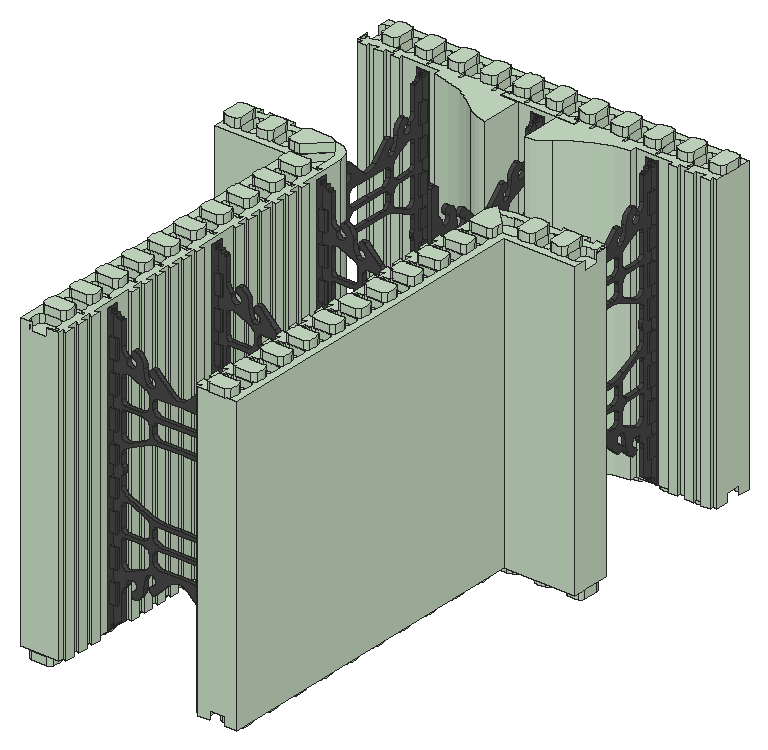
Revit family (continued)
Definition of nested family "NUDURA Diamond Pattern"
  Lines and regions (in)
    model lines
      curve 171: arc (3.35367, -5.625, 1.01517) -> (3.24384, -5.625, 0.75) -> (3.35367, -5.625, 0.48484) r 0.375
      curve 172: line (3.35367, -5.625, 0.48484) -> (3.72867, -5.625, 0.10984)
      curve 173: arc (3.72867, -5.625, 0.10984) -> (3.99384, -5.625, 0) -> (4.259, -5.625, 0.10984) r 0.375
      curve 174: line (4.259, -5.625, 0.10984) -> (4.634, -5.625, 0.48484)
      curve 175: arc (4.634, -5.625, 0.48484) -> (4.74384, -5.625, 0.75) -> (4.634, -5.625, 1.01517) r 0.375
      curve 176: line (4.634, -5.625, 1.01517) -> (4.29059, -5.625, 1.35858)
      curve 177: arc (4.29059, -5.625, 1.64142) -> (4.23201, -5.625, 1.5) -> (4.29059, -5.625, 1.35858) r 0.2
      curve 178: arc (4.17062, -5.625, 1.30178) -> (3.99384, -5.625, 1.375) -> (3.81706, -5.625, 1.30178) r 0.25
      curve 179: line (4.54562, -5.625, 0.92678) -> (4.17062, -5.625, 1.30178)
      curve 180: arc (4.54562, -5.625, 0.57322) -> (4.61884, -5.625, 0.75) -> (4.54562, -5.625, 0.92678) r 0.25
      curve 181: line (4.17062, -5.625, 0.19822) -> (4.54562, -5.625, 0.57322)
      curve 182: arc (3.81706, -5.625, 0.19822) -> (3.99384, -5.625, 0.125) -> (4.17062, -5.625, 0.19822) r 0.25
      curve 183: line (3.44206, -5.625, 0.57322) -> (3.81706, -5.625, 0.19822)
      curve 184: arc (3.44206, -5.625, 0.92678) -> (3.36884, -5.625, 0.75) -> (3.44206, -5.625, 0.57322) r 0.25
      curve 185: line (3.81706, -5.625, 1.30178) -> (3.44206, -5.625, 0.92678)
      curve 186: arc (4.29059, -5.625, 3.14142) -> (4.23201, -5.625, 3) -> (4.29059, -5.625, 2.85858) r 0.2
      curve 187: arc (4.29059, -5.625, 4.64142) -> (4.23201, -5.625, 4.5) -> (4.29059, -5.625, 4.35858) r 0.2
      curve 188: arc (4.29059, -5.625, 6.14142) -> (4.23201, -5.625, 6) -> (4.29059, -5.625, 5.85858) r 0.2
      curve 189: arc (4.29059, -5.625, 7.64142) -> (4.23201, -5.625, 7.5) -> (4.29059, -5.625, 7.35858) r 0.2
      curve 190: arc (4.29059, -5.625, 9.14142) -> (4.23201, -5.625, 9) -> (4.29059, -5.625, 8.85858) r 0.2
      curve 191: arc (4.29059, -5.625, 10.64142) -> (4.23201, -5.625, 10.5) -> (4.29059, -5.625, 10.35858) r 0.2
      curve 192: arc (4.29059, -5.625, 12.14142) -> (4.23201, -5.625, 12) -> (4.29059, -5.625, 11.85858) r 0.2
      curve 193: arc (4.29059, -5.625, 13.64142) -> (4.23201, -5.625, 13.5) -> (4.29059, -5.625, 13.35858) r 0.2
      curve 194: arc (4.29059, -5.625, 15.14142) -> (4.23201, -5.625, 15) -> (4.29059, -5.625, 14.85858) r 0.2
      curve 195: arc (4.29059, -5.625, 16.64142) -> (4.23201, -5.625, 16.5) -> (4.29059, -5.625, 16.35858) r 0.2
Definition of nested family "NUDURA Logo Diamond"
  Reference planes (in)
    plane 1 "Center (Front/Back)": y = 0
    plane 2: z = 0
    plane 3 "Center (Left/Right)": x = 0
  Lines and regions (in)
    model lines
      curve 1: line (12.59848, 0, 17.50104) -> (12.24492, 0, 17.85459)
      curve 2: line (12.36113, 0, 16.76872) -> (12.59848, 0, 17.00607)
      curve 3: line (12.59848, 0, 16.00104) -> (12.36113, 0, 16.23839)
      curve 4: line (12.36113, 0, 15.26872) -> (12.59848, 0, 15.50607)
      curve 5: line (12.59848, 0, 14.50104) -> (12.36113, 0, 14.73839)
      curve 6: line (12.36113, 0, 13.76872) -> (12.59848, 0, 14.00607)
      curve 7: line (12.17421, 0, 13.28388) -> (12.71208, 0, 12.74602)
      curve 8: line (12.71208, 0, 12.74602) -> (12.78279, 0, 12.81673)
      curve 9: line (11.28279, 0, 12.74602) -> (11.82066, 0, 13.28388)
      curve 10: line (11.63374, 0, 13.23839) -> (11.21208, 0, 12.81673)
      curve 11: line (11.3964, 0, 14.00607) -> (11.63374, 0, 13.76872)
      curve 12: line (11.63374, 0, 14.73839) -> (11.3964, 0, 14.50104)
      curve 13: line (11.3964, 0, 15.50607) -> (11.63374, 0, 15.26872)
      curve 14: line (11.63374, 0, 16.23839) -> (11.3964, 0, 16.00104)
      curve 15: line (11.3964, 0, 17.00607) -> (11.63374, 0, 16.76872)
      curve 16: line (11.74995, 0, 17.85459) -> (11.3964, 0, 17.50104)
      curve 17: line (11.82066, 0, 17.78388) -> (11.46711, 0, 17.43033)
      curve 18: line (12.52777, 0, 17.43033) -> (12.17421, 0, 17.78388)
      curve 19: line (12.17421, 0, 16.72322) -> (12.52777, 0, 17.07678)
      curve 20: line (11.46711, 0, 17.07678) -> (11.82066, 0, 16.72322)
      curve 21: arc (11.3964, 0, 17.50104) -> (11.29388, 0, 17.25355) -> (11.3964, 0, 17.00607) r 0.35
      curve 22: arc (11.74995, 0, 17.85459) -> (11.99744, 0, 17.95711) -> (12.24492, 0, 17.85459) r 0.35
      curve 23: arc (11.46711, 0, 17.43033) -> (11.39388, 0, 17.25355) -> (11.46711, 0, 17.07678) r 0.25
      curve 24: arc (12.52777, 0, 17.43033) -> (12.60099, 0, 17.25355) -> (12.52777, 0, 17.07678) r 0.25
      curve 25: arc (12.17421, 0, 16.72322) -> (11.99744, 0, 16.65) -> (11.82066, 0, 16.72322) r 0.25
      curve 26: arc (11.82066, 0, 17.78388) -> (11.99744, 0, 17.85711) -> (12.17421, 0, 17.78388) r 0.25
      curve 27: arc (12.59848, 0, 17.50104) -> (12.70099, 0, 17.25355) -> (12.59848, 0, 17.00607) r 0.35
      curve 28: arc (11.63374, 0, 16.76872) -> (11.74358, 0, 16.50355) -> (11.63374, 0, 16.23839) r 0.375
      curve 29: arc (12.36113, 0, 16.76872) -> (12.2513, 0, 16.50355) -> (12.36113, 0, 16.23839) r 0.375
      curve 30: line (12.36113, 0, 15.26872) -> (12.59848, 0, 15.50607)
      curve 31: line (11.3964, 0, 15.50607) -> (11.63374, 0, 15.26872)
      curve 32: line (11.82066, 0, 16.28388) -> (11.46711, 0, 15.93033)
      curve 33: line (12.52777, 0, 15.93033) -> (12.17421, 0, 16.28388)
      curve 34: line (12.17421, 0, 15.22322) -> (12.52777, 0, 15.57678)
      curve 35: line (11.46711, 0, 15.57678) -> (11.82066, 0, 15.22322)
      curve 36: arc (11.3964, 0, 16.00104) -> (11.29388, 0, 15.75355) -> (11.3964, 0, 15.50607) r 0.35
      curve 37: arc (11.46711, 0, 15.93033) -> (11.39388, 0, 15.75355) -> (11.46711, 0, 15.57678) r 0.25
      curve 38: arc (12.52777, 0, 15.93033) -> (12.60099, 0, 15.75355) -> (12.52777, 0, 15.57678) r 0.25
      curve 39: arc (12.17421, 0, 15.22322) -> (11.99744, 0, 15.15) -> (11.82066, 0, 15.22322) r 0.25
      curve 40: arc (11.82066, 0, 16.28388) -> (11.99744, 0, 16.35711) -> (12.17421, 0, 16.28388) r 0.25
      curve 41: arc (12.59848, 0, 16.00104) -> (12.70099, 0, 15.75355) -> (12.59848, 0, 15.50607) r 0.35
      curve 42: line (11.63374, 0, 16.23839) -> (11.3964, 0, 16.00104)
      curve 43: line (12.59848, 0, 16.00104) -> (12.36113, 0, 16.23839)
      curve 44: arc (11.63374, 0, 15.26872) -> (11.74358, 0, 15.00355) -> (11.63374, 0, 14.73839) r 0.375
      curve 45: arc (12.36113, 0, 15.26872) -> (12.2513, 0, 15.00355) -> (12.36113, 0, 14.73839) r 0.375
      curve 46: line (12.36113, 0, 13.76872) -> (12.59848, 0, 14.00607)
      curve 47: line (11.3964, 0, 14.00607) -> (11.63374, 0, 13.76872)
      curve 48: line (11.82066, 0, 14.78388) -> (11.46711, 0, 14.43033)
      curve 49: line (12.52777, 0, 14.43033) -> (12.17421, 0, 14.78388)
      curve 50: line (12.17421, 0, 13.72322) -> (12.52777, 0, 14.07678)
      curve 51: line (11.46711, 0, 14.07678) -> (11.82066, 0, 13.72322)
      curve 52: arc (11.3964, 0, 14.50104) -> (11.29388, 0, 14.25355) -> (11.3964, 0, 14.00607) r 0.35
      curve 53: arc (11.46711, 0, 14.43033) -> (11.39388, 0, 14.25355) -> (11.46711, 0, 14.07678) r 0.25
      curve 54: arc (12.52777, 0, 14.43033) -> (12.60099, 0, 14.25355) -> (12.52777, 0, 14.07678) r 0.25
      curve 55: arc (12.17421, 0, 13.72322) -> (11.99744, 0, 13.65) -> (11.82066, 0, 13.72322) r 0.25
      curve 56: arc (11.82066, 0, 14.78388) -> (11.99744, 0, 14.85711) -> (12.17421, 0, 14.78388) r 0.25
      curve 57: arc (12.59848, 0, 14.50104) -> (12.70099, 0, 14.25355) -> (12.59848, 0, 14.00607) r 0.35
      curve 58: line (11.63374, 0, 14.73839) -> (11.3964, 0, 14.50104)
      curve 59: arc (11.63374, 0, 13.76872) -> (11.74358, 0, 13.50355) -> (11.63374, 0, 13.23839) r 0.375
      curve 60: arc (12.36113, 0, 13.76872) -> (12.2513, 0, 13.50355) -> (12.36113, 0, 13.23839) r 0.375
      curve 61: line (12.78279, 0, 12.81673) -> (12.36113, 0, 13.23839)
      curve 62: line (11.21208, 0, 12.81673) -> (11.28279, 0, 12.74602)
      curve 63: arc (11.82066, 0, 13.28388) -> (11.99744, 0, 13.35711) -> (12.17421, 0, 13.28388) r 0.25
      curve 64: line (12.59848, 0, 0.50607) -> (12.24492, 0, 0.15251)
      curve 65: line (12.36113, 0, 1.23839) -> (12.59848, 0, 1.00104)
      curve 66: line (12.59848, 0, 2.00607) -> (12.36113, 0, 1.76872)
      curve 67: line (12.36113, 0, 2.73839) -> (12.59848, 0, 2.50104)
      curve 68: line (12.59848, 0, 3.50607) -> (12.36113, 0, 3.26872)
      curve 69: line (12.36113, 0, 4.23839) -> (12.59848, 0, 4.00104)
      curve 70: line (12.17421, 0, 4.72322) -> (12.71208, 0, 5.26109)
      curve 71: line (12.71208, 0, 5.26109) -> (12.78279, 0, 5.19038)
      curve 72: line (11.28279, 0, 5.26109) -> (11.82066, 0, 4.72322)
      curve 73: line (11.63374, 0, 4.76872) -> (11.21208, 0, 5.19038)
      curve 74: line (11.3964, 0, 4.00104) -> (11.63374, 0, 4.23839)
      curve 75: line (11.63374, 0, 3.26872) -> (11.3964, 0, 3.50607)
      curve 76: line (11.3964, 0, 2.50104) -> (11.63374, 0, 2.73839)
      curve 77: line (11.63374, 0, 1.76872) -> (11.3964, 0, 2.00607)
      curve 78: line (11.3964, 0, 1.00104) -> (11.63374, 0, 1.23839)
      curve 79: line (11.74995, 0, 0.15251) -> (11.3964, 0, 0.50607)
      curve 80: line (11.82066, 0, 0.22322) -> (11.46711, 0, 0.57678)
      curve 81: line (12.52777, 0, 0.57678) -> (12.17421, 0, 0.22322)
      curve 82: line (12.17421, 0, 1.28388) -> (12.52777, 0, 0.93033)
      curve 83: line (11.46711, 0, 0.93033) -> (11.82066, 0, 1.28388)
      curve 84: arc (11.3964, 0, 0.50607) -> (11.29388, 0, 0.75355) -> (11.3964, 0, 1.00104) r 0.35
      curve 85: arc (11.74995, 0, 0.15251) -> (11.99744, 0, 0.05) -> (12.24492, 0, 0.15251) r 0.35
      curve 86: arc (11.46711, 0, 0.57678) -> (11.39388, 0, 0.75355) -> (11.46711, 0, 0.93033) r 0.25
      curve 87: arc (12.52777, 0, 0.57678) -> (12.60099, 0, 0.75355) -> (12.52777, 0, 0.93033) r 0.25
      curve 88: arc (12.17421, 0, 1.28388) -> (11.99744, 0, 1.35711) -> (11.82066, 0, 1.28388) r 0.25
      curve 89: arc (11.82066, 0, 0.22322) -> (11.99744, 0, 0.15) -> (12.17421, 0, 0.22322) r 0.25
      curve 90: arc (12.59848, 0, 0.50607) -> (12.70099, 0, 0.75355) -> (12.59848, 0, 1.00104) r 0.35
      curve 91: arc (11.63374, 0, 1.23839) -> (11.74358, 0, 1.50355) -> (11.63374, 0, 1.76872) r 0.375
      curve 92: arc (12.36113, 0, 1.23839) -> (12.2513, 0, 1.50355) -> (12.36113, 0, 1.76872) r 0.375
      curve 93: line (12.36113, 0, 2.73839) -> (12.59848, 0, 2.50104)
      curve 94: line (11.3964, 0, 2.50104) -> (11.63374, 0, 2.73839)
      curve 95: line (11.82066, 0, 1.72322) -> (11.46711, 0, 2.07678)
      curve 96: line (12.52777, 0, 2.07678) -> (12.17421, 0, 1.72322)
      curve 97: line (12.17421, 0, 2.78388) -> (12.52777, 0, 2.43033)
      curve 98: line (11.46711, 0, 2.43033) -> (11.82066, 0, 2.78388)
      curve 99: arc (11.3964, 0, 2.00607) -> (11.29388, 0, 2.25355) -> (11.3964, 0, 2.50104) r 0.35
      curve 100: arc (11.46711, 0, 2.07678) -> (11.39388, 0, 2.25355) -> (11.46711, 0, 2.43033) r 0.25
      curve 101: arc (12.52777, 0, 2.07678) -> (12.60099, 0, 2.25355) -> (12.52777, 0, 2.43033) r 0.25
      curve 102: arc (12.17421, 0, 2.78388) -> (11.99744, 0, 2.85711) -> (11.82066, 0, 2.78388) r 0.25
      curve 103: arc (11.82066, 0, 1.72322) -> (11.99744, 0, 1.65) -> (12.17421, 0, 1.72322) r 0.25
      curve 104: arc (12.59848, 0, 2.00607) -> (12.70099, 0, 2.25355) -> (12.59848, 0, 2.50104) r 0.35
      curve 105: line (11.63374, 0, 1.76872) -> (11.3964, 0, 2.00607)
      curve 106: line (12.59848, 0, 2.00607) -> (12.36113, 0, 1.76872)
      curve 107: arc (11.63374, 0, 2.73839) -> (11.74358, 0, 3.00355) -> (11.63374, 0, 3.26872) r 0.375
      curve 108: arc (12.36113, 0, 2.73839) -> (12.2513, 0, 3.00355) -> (12.36113, 0, 3.26872) r 0.375
      curve 109: line (12.36113, 0, 4.23839) -> (12.59848, 0, 4.00104)
      curve 110: line (11.3964, 0, 4.00104) -> (11.63374, 0, 4.23839)
      curve 111: line (11.82066, 0, 3.22322) -> (11.46711, 0, 3.57678)
      curve 112: line (12.52777, 0, 3.57678) -> (12.17421, 0, 3.22322)
      curve 113: line (12.17421, 0, 4.28388) -> (12.52777, 0, 3.93033)
      curve 114: line (11.46711, 0, 3.93033) -> (11.82066, 0, 4.28388)
      curve 115: arc (11.3964, 0, 3.50607) -> (11.29388, 0, 3.75355) -> (11.3964, 0, 4.00104) r 0.35
      curve 116: arc (11.46711, 0, 3.57678) -> (11.39388, 0, 3.75355) -> (11.46711, 0, 3.93033) r 0.25
      curve 117: arc (12.52777, 0, 3.57678) -> (12.60099, 0, 3.75355) -> (12.52777, 0, 3.93033) r 0.25
      curve 118: arc (12.17421, 0, 4.28388) -> (11.99744, 0, 4.35711) -> (11.82066, 0, 4.28388) r 0.25
      curve 119: arc (11.82066, 0, 3.22322) -> (11.99744, 0, 3.15) -> (12.17421, 0, 3.22322) r 0.25
      curve 120: arc (12.59848, 0, 3.50607) -> (12.70099, 0, 3.75355) -> (12.59848, 0, 4.00104) r 0.35
      curve 121: line (11.63374, 0, 3.26872) -> (11.3964, 0, 3.50607)
      curve 122: arc (11.63374, 0, 4.23839) -> (11.74358, 0, 4.50355) -> (11.63374, 0, 4.76872) r 0.375
      curve 123: arc (12.36113, 0, 4.23839) -> (12.2513, 0, 4.50355) -> (12.36113, 0, 4.76872) r 0.375
      curve 124: line (12.78279, 0, 5.19038) -> (12.36113, 0, 4.76872)
      curve 125: line (11.21208, 0, 5.19038) -> (11.28279, 0, 5.26109)
      curve 126: arc (11.82066, 0, 4.72322) -> (11.99744, 0, 4.65) -> (12.17421, 0, 4.72322) r 0.25
      curve 127: line (12.37244, 0, 12.50355) -> (11.62244, 0, 12.50355)
      curve 128: line (12.74744, 0, 5.87855) -> (12.74744, 0, 12.12855)
      curve 129: line (11.24744, 0, 12.12855) -> (11.24744, 0, 5.87855)
      curve 130: line (11.62244, 0, 5.50355) -> (12.37244, 0, 5.50355)
      curve 131: line (12.47232, 0, 12.00355) -> (12.0393, 0, 12.25355)
      curve 132: line (12.47232, 0, 11.50355) -> (12.47232, 0, 12.00355)
      curve 133: line (12.25581, 0, 11.37855) -> (12.47232, 0, 11.50355)
      curve 134: line (12.02256, 0, 11.51322) -> (12.25581, 0, 11.37855)
      curve 135: line (12.22232, 0, 11.62855) -> (12.02256, 0, 11.51322)
      curve 136: line (11.80605, 0, 12.11888) -> (12.22232, 0, 11.87855)
      curve 137: line (12.22232, 0, 11.87855) -> (12.22232, 0, 11.62855)
      curve 138: line (12.0393, 0, 12.25355) -> (11.80605, 0, 12.11888)
      curve 139: line (11.77256, 0, 11.63822) -> (11.97232, 0, 11.75355)
      curve 140: line (11.97232, 0, 11.75355) -> (11.73906, 0, 11.88822)
      curve 141: line (11.73906, 0, 11.88822) -> (11.52256, 0, 11.76322)
      curve 142: line (11.52256, 0, 11.76322) -> (11.52256, 0, 11.26322)
      curve 143: line (11.77256, 0, 11.38822) -> (11.77256, 0, 11.63822)
      curve 144: line (12.18882, 0, 11.14789) -> (11.77256, 0, 11.38822)
      curve 145: line (11.95557, 0, 11.01322) -> (12.18882, 0, 11.14789)
      curve 146: line (11.52256, 0, 11.26322) -> (11.95557, 0, 11.01322)
      curve 147: line (12.31108, 0, 10.60411) -> (11.68379, 0, 10.74458)
      curve 148: line (11.68379, 0, 10.74458) -> (11.68379, 0, 10.51321)
      curve 149: line (11.68379, 0, 10.51321) -> (12.1295, 0, 10.41405)
      curve 150: line (12.1295, 0, 10.41405) -> (11.68379, 0, 10.27358)
      curve 151: line (11.68379, 0, 10.27358) -> (11.68379, 0, 9.8852)
      curve 152: line (11.68379, 0, 9.8852) -> (12.17077, 0, 9.77615)
      curve 153: line (12.17077, 0, 9.77615) -> (12.17077, 0, 9.74472)
      curve 154: line (12.17077, 0, 9.74472) -> (11.86146, 0, 9.80279)
      curve 155: line (11.68379, 0, 9.65536) -> (11.68379, 0, 9.35864)
      curve 156: line (12.07077, 0, 8.74385) -> (12.07077, 0, 8.99996)
      curve 157: line (12.07077, 0, 8.99996) -> (11.68379, 0, 9.08605)
      curve 158: line (11.68379, 0, 9.08605) -> (11.68379, 0, 8.47809)
      curve 159: line (11.91823, 0, 9.06589) -> (12.31108, 0, 8.97792)
      curve 160: line (11.82444, 0, 8.55476) -> (11.82444, 0, 8.79865)
      curve 161: line (11.82444, 0, 8.79865) -> (12.07077, 0, 8.74385)
      curve 162: line (11.68379, 0, 8.07193) -> (11.68379, 0, 7.77522)
      curve 163: line (11.91823, 0, 7.48247) -> (12.21108, 0, 7.41688)
      curve 164: line (12.21108, 0, 7.41688) -> (12.21108, 0, 6.95405)
      curve 165: line (12.16108, 0, 6.90405) -> (12.12077, 0, 6.90405)
      curve 166: line (12.07077, 0, 6.95405) -> (12.07077, 0, 7.08675)
      curve 167: line (12.07077, 0, 7.08675) -> (12.12077, 0, 7.07556)
      curve 168: line (12.12077, 0, 7.07556) -> (12.12077, 0, 7.33463)
      curve 169: line (12.12077, 0, 7.33463) -> (11.68379, 0, 7.43249)
      curve 170: line (11.68379, 0, 7.43249) -> (11.68379, 0, 7.17341)
      curve 171: line (11.68379, 0, 7.17341) -> (11.97077, 0, 7.10915)
      curve 172: line (11.97077, 0, 7.10915) -> (11.97077, 0, 6.99425)
      curve 173: line (11.92077, 0, 6.94425) -> (11.68379, 0, 6.94425)
      curve 174: line (11.68379, 0, 6.94425) -> (11.68379, 0, 6.45682)
      curve 175: line (11.68379, 0, 6.45682) -> (11.78284, 0, 6.38658)
      curve 176: line (11.78284, 0, 6.38658) -> (11.78284, 0, 6.05178)
      curve 177: line (12.12371, 0, 6.14486) -> (11.88284, 0, 6.31567)
      curve 178: line (11.88284, 0, 6.31567) -> (11.88284, 0, 6.07909)
      curve 179: line (11.88284, 0, 6.07909) -> (12.12371, 0, 6.14486)
      curve 180: line (11.78284, 0, 6.05178) -> (11.68379, 0, 6.02474)
      curve 181: line (11.68379, 0, 6.02474) -> (11.68379, 0, 5.75355)
      curve 182: line (11.68379, 0, 5.75355) -> (12.31108, 0, 5.92483)
      curve 183: line (12.31108, 0, 5.92483) -> (12.31108, 0, 6.28791)
      curve 184: line (12.31108, 0, 6.28791) -> (11.76249, 0, 6.67694)
      curve 185: line (11.76249, 0, 6.67694) -> (11.90321, 0, 6.67694)
      curve 186: line (12.31108, 0, 6.78674) -> (12.31108, 0, 7.63562)
      curve 187: line (12.31108, 0, 7.63562) -> (11.90258, 0, 7.7271)
      curve 188: line (11.82444, 0, 7.82469) -> (11.82444, 0, 7.92839)
      curve 189: line (11.88536, 0, 7.97718) -> (12.31108, 0, 7.88185)
      curve 190: line (12.31108, 0, 7.88185) -> (12.31108, 0, 8.13496)
      curve 191: line (12.31108, 0, 8.13496) -> (12.08042, 0, 8.17826)
      curve 192: line (12.31108, 0, 8.38353) -> (12.31108, 0, 8.9465)
      curve 193: line (12.31108, 0, 8.9465) -> (12.17077, 0, 8.97771)
      curve 194: line (12.17077, 0, 8.97771) -> (12.17077, 0, 8.55476)
      curve 195: line (12.31108, 0, 8.97792) -> (12.31108, 0, 9.21905)
      curve 196: line (12.31108, 0, 9.21905) -> (11.90258, 0, 9.31053)
      curve 197: line (11.82444, 0, 9.40811) -> (11.82444, 0, 9.51182)
      curve 198: line (11.87938, 0, 9.56195) -> (12.31108, 0, 9.46528)
      curve 199: line (12.31108, 0, 9.46528) -> (12.31108, 0, 9.98469)
      curve 200: line (12.31108, 0, 9.98469) -> (11.90664, 0, 10.07526)
      curve 201: line (11.90664, 0, 10.07526) -> (12.31108, 0, 10.20747)
      curve 202: line (12.31108, 0, 10.20747) -> (12.31108, 0, 10.60411)
      curve 203: arc (11.68379, 0, 9.65536) -> (11.73801, 0, 9.7708) -> (11.86146, 0, 9.80279) r 0.15
      curve 204: arc (11.68379, 0, 9.35864) -> (11.74962, 0, 9.17112) -> (11.91823, 0, 9.06589) r 0.3
      curve 205: arc (11.84417, 0, 8.22149) -> (11.72718, 0, 8.32679) -> (11.68379, 0, 8.47809) r 0.28547
      curve 206: arc (11.68379, 0, 8.07193) -> (11.73147, 0, 8.18158) -> (11.84417, 0, 8.22149) r 0.14992
      curve 207: arc (11.68379, 0, 7.77522) -> (11.74962, 0, 7.58769) -> (11.91823, 0, 7.48247) r 0.3
      curve 208: arc (11.82444, 0, 7.82469) -> (11.84638, 0, 7.76218) -> (11.90258, 0, 7.7271) r 0.1
      curve 209: arc (11.82444, 0, 7.92839) -> (11.84318, 0, 7.96742) -> (11.88536, 0, 7.97718) r 0.05
      curve 210: arc (12.12077, 0, 6.90405) -> (12.08541, 0, 6.91869) -> (12.07077, 0, 6.95405) r 0.05
      curve 211: arc (12.16108, 0, 6.90405) -> (12.19644, 0, 6.91869) -> (12.21108, 0, 6.95405) r 0.05
      curve 212: arc (11.97077, 0, 6.99425) -> (11.95612, 0, 6.95889) -> (11.92077, 0, 6.94425) r 0.05
      curve 213: arc (11.90321, 0, 6.67694) -> (11.96756, 0, 6.70069) -> (12.00104, 0, 6.76055) r 0.09904
      curve 214: arc (12.00104, 0, 6.76055) -> (12.1681, 0, 6.63117) -> (12.31108, 0, 6.78674) r 0.15613
      curve 215: arc (12.08042, 0, 8.17826) -> (12.24181, 0, 8.22914) -> (12.31108, 0, 8.38353) r 0.20667
      curve 216: arc (11.82444, 0, 8.55476) -> (11.9976, 0, 8.3816) -> (12.17077, 0, 8.55476) r 0.17317
      curve 217: arc (11.82444, 0, 9.40811) -> (11.84638, 0, 9.34561) -> (11.90258, 0, 9.31053) r 0.1
      curve 218: arc (11.82444, 0, 9.51182) -> (11.8459, 0, 9.55306) -> (11.892, 0, 9.55913) r 0.05034
      curve 219: arc (11.24744, 0, 12.12855) -> (11.35727, 0, 12.39372) -> (11.62244, 0, 12.50355) r 0.375
      curve 220: arc (12.37244, 0, 12.50355) -> (12.6376, 0, 12.39372) -> (12.74744, 0, 12.12855) r 0.375
      curve 221: arc (11.24744, 0, 5.87855) -> (11.35727, 0, 5.61339) -> (11.62244, 0, 5.50355) r 0.375
      curve 222: arc (12.37244, 0, 5.50355) -> (12.6376, 0, 5.61339) -> (12.74744, 0, 5.87855) r 0.375
      curve 223: line (9.99744, 0, 18) -> (9.99744, 0, 0)
      curve 224: line (13.99744, 0, 18) -> (13.99744, 0, 0)
      curve 225: line (15.99744, 0, 18) -> (15.99744, 0, 0)
Definition of nested family "NUDURA Diamond Pattern Missing Two Lines"
  Reference planes (in)
    plane 1 "Center (Front/Back)": y = 0
    plane 2: z = 0
    plane 3 "Center (Left/Right)": x = 0
    plane 4: z = 18
  Lines and regions (in)
    model lines
      curve 1: line (2, -5.625, 18) -> (2, -5.625, 0)
      curve 2: line (3.35367, -5.625, 16.98484) -> (3.69709, -5.625, 16.64142)
      curve 3: arc (3.35367, -5.625, 17.51517) -> (3.24384, -5.625, 17.25) -> (3.35367, -5.625, 16.98484) r 0.375
      curve 4: line (3.72867, -5.625, 17.89017) -> (3.35367, -5.625, 17.51517)
      curve 5: arc (4.259, -5.625, 17.89017) -> (3.99384, -5.625, 18) -> (3.72867, -5.625, 17.89017) r 0.375
      curve 6: line (4.634, -5.625, 17.51517) -> (4.259, -5.625, 17.89017)
      curve 7: arc (4.634, -5.625, 16.98484) -> (4.74384, -5.625, 17.25) -> (4.634, -5.625, 17.51517) r 0.375
      curve 8: line (4.29059, -5.625, 16.64142) -> (4.634, -5.625, 16.98484)
      curve 9: arc (4.17062, -5.625, 17.80178) -> (3.99384, -5.625, 17.875) -> (3.81706, -5.625, 17.80178) r 0.25
      curve 10: line (4.54562, -5.625, 17.42678) -> (4.17062, -5.625, 17.80178)
      curve 11: arc (4.54562, -5.625, 17.07322) -> (4.61884, -5.625, 17.25) -> (4.54562, -5.625, 17.42678) r 0.25
      curve 12: line (4.17062, -5.625, 16.69822) -> (4.54562, -5.625, 17.07322)
      curve 13: arc (3.81706, -5.625, 16.69822) -> (3.99384, -5.625, 16.625) -> (4.17062, -5.625, 16.69822) r 0.25
      curve 14: line (3.44206, -5.625, 17.07322) -> (3.81706, -5.625, 16.69822)
      curve 15: arc (3.44206, -5.625, 17.42678) -> (3.36884, -5.625, 17.25) -> (3.44206, -5.625, 17.07322) r 0.25
      curve 16: line (3.81706, -5.625, 17.80178) -> (3.44206, -5.625, 17.42678)
      curve 17: arc (3.69709, -5.625, 16.35858) -> (3.75567, -5.625, 16.5) -> (3.69709, -5.625, 16.64142) r 0.2
      curve 18: line (4.634, -5.625, 16.01517) -> (4.29059, -5.625, 16.35858)
      curve 19: arc (4.634, -5.625, 15.48484) -> (4.74384, -5.625, 15.75) -> (4.634, -5.625, 16.01517) r 0.375
      curve 20: line (4.29059, -5.625, 15.14142) -> (4.634, -5.625, 15.48484)
      curve 21: line (3.35367, -5.625, 15.48484) -> (3.69709, -5.625, 15.14142)
      curve 22: arc (3.35367, -5.625, 16.01517) -> (3.24384, -5.625, 15.75) -> (3.35367, -5.625, 15.48484) r 0.375
      curve 23: line (3.69709, -5.625, 16.35858) -> (3.35367, -5.625, 16.01517)
      curve 24: arc (4.17062, -5.625, 16.30178) -> (3.99384, -5.625, 16.375) -> (3.81706, -5.625, 16.30178) r 0.25
      curve 25: line (3.81706, -5.625, 16.30178) -> (3.44206, -5.625, 15.92678)
      curve 26: arc (3.44206, -5.625, 15.92678) -> (3.36884, -5.625, 15.75) -> (3.44206, -5.625, 15.57322) r 0.25
      curve 27: line (3.44206, -5.625, 15.57322) -> (3.81706, -5.625, 15.19822)
      curve 28: arc (3.81706, -5.625, 15.19822) -> (3.99384, -5.625, 15.125) -> (4.17062, -5.625, 15.19822) r 0.25
      curve 29: line (4.17062, -5.625, 15.19822) -> (4.54562, -5.625, 15.57322)
      curve 30: arc (4.54562, -5.625, 15.57322) -> (4.61884, -5.625, 15.75) -> (4.54562, -5.625, 15.92678) r 0.25
      curve 31: line (4.54562, -5.625, 15.92678) -> (4.17062, -5.625, 16.30178)
      curve 32: arc (3.69709, -5.625, 14.85858) -> (3.75567, -5.625, 15) -> (3.69709, -5.625, 15.14142) r 0.2
      curve 33: line (4.634, -5.625, 14.51517) -> (4.29059, -5.625, 14.85858)
      curve 34: arc (4.634, -5.625, 13.98484) -> (4.74384, -5.625, 14.25) -> (4.634, -5.625, 14.51517) r 0.375
      curve 35: line (4.29059, -5.625, 13.64142) -> (4.634, -5.625, 13.98484)
      curve 36: line (3.35367, -5.625, 13.98484) -> (3.69709, -5.625, 13.64142)
      curve 37: arc (3.35367, -5.625, 14.51517) -> (3.24384, -5.625, 14.25) -> (3.35367, -5.625, 13.98484) r 0.375
      curve 38: line (3.69709, -5.625, 14.85858) -> (3.35367, -5.625, 14.51517)
      curve 39: arc (4.17062, -5.625, 14.80178) -> (3.99384, -5.625, 14.875) -> (3.81706, -5.625, 14.80178) r 0.25
      curve 40: line (3.81706, -5.625, 14.80178) -> (3.44206, -5.625, 14.42678)
      curve 41: arc (3.44206, -5.625, 14.42678) -> (3.36884, -5.625, 14.25) -> (3.44206, -5.625, 14.07322) r 0.25
      curve 42: line (3.44206, -5.625, 14.07322) -> (3.81706, -5.625, 13.69822)
      curve 43: arc (3.81706, -5.625, 13.69822) -> (3.99384, -5.625, 13.625) -> (4.17062, -5.625, 13.69822) r 0.25
      curve 44: line (4.17062, -5.625, 13.69822) -> (4.54562, -5.625, 14.07322)
      curve 45: arc (4.54562, -5.625, 14.07322) -> (4.61884, -5.625, 14.25) -> (4.54562, -5.625, 14.42678) r 0.25
      curve 46: line (4.54562, -5.625, 14.42678) -> (4.17062, -5.625, 14.80178)
      curve 47: arc (3.69709, -5.625, 13.35858) -> (3.75567, -5.625, 13.5) -> (3.69709, -5.625, 13.64142) r 0.2
      curve 48: line (4.634, -5.625, 13.01517) -> (4.29059, -5.625, 13.35858)
      curve 49: arc (4.634, -5.625, 12.48484) -> (4.74384, -5.625, 12.75) -> (4.634, -5.625, 13.01517) r 0.375
      curve 50: line (4.29059, -5.625, 12.14142) -> (4.634, -5.625, 12.48484)
      curve 51: line (3.35367, -5.625, 12.48484) -> (3.69709, -5.625, 12.14142)
      curve 52: arc (3.35367, -5.625, 13.01517) -> (3.24384, -5.625, 12.75) -> (3.35367, -5.625, 12.48484) r 0.375
      curve 53: line (3.69709, -5.625, 13.35858) -> (3.35367, -5.625, 13.01517)
      curve 54: arc (4.17062, -5.625, 13.30178) -> (3.99384, -5.625, 13.375) -> (3.81706, -5.625, 13.30178) r 0.25
      curve 55: line (3.81706, -5.625, 13.30178) -> (3.44206, -5.625, 12.92678)
      curve 56: arc (3.44206, -5.625, 12.92678) -> (3.36884, -5.625, 12.75) -> (3.44206, -5.625, 12.57322) r 0.25
      curve 57: line (3.44206, -5.625, 12.57322) -> (3.81706, -5.625, 12.19822)
      curve 58: arc (3.81706, -5.625, 12.19822) -> (3.99384, -5.625, 12.125) -> (4.17062, -5.625, 12.19822) r 0.25
      curve 59: line (4.17062, -5.625, 12.19822) -> (4.54562, -5.625, 12.57322)
      curve 60: arc (4.54562, -5.625, 12.57322) -> (4.61884, -5.625, 12.75) -> (4.54562, -5.625, 12.92678) r 0.25
      curve 61: line (4.54562, -5.625, 12.92678) -> (4.17062, -5.625, 13.30178)
      curve 62: arc (3.69709, -5.625, 11.85858) -> (3.75567, -5.625, 12) -> (3.69709, -5.625, 12.14142) r 0.2
      curve 63: line (4.634, -5.625, 11.51517) -> (4.29059, -5.625, 11.85858)
      curve 64: arc (4.634, -5.625, 10.98484) -> (4.74384, -5.625, 11.25) -> (4.634, -5.625, 11.51517) r 0.375
      curve 65: line (4.29059, -5.625, 10.64142) -> (4.634, -5.625, 10.98484)
      curve 66: line (3.35367, -5.625, 10.98484) -> (3.69709, -5.625, 10.64142)
      curve 67: arc (3.35367, -5.625, 11.51517) -> (3.24384, -5.625, 11.25) -> (3.35367, -5.625, 10.98484) r 0.375
      curve 68: line (3.69709, -5.625, 11.85858) -> (3.35367, -5.625, 11.51517)
      curve 69: arc (4.17062, -5.625, 11.80178) -> (3.99384, -5.625, 11.875) -> (3.81706, -5.625, 11.80178) r 0.25
      curve 70: line (3.81706, -5.625, 11.80178) -> (3.44206, -5.625, 11.42678)
      curve 71: arc (3.44206, -5.625, 11.42678) -> (3.36884, -5.625, 11.25) -> (3.44206, -5.625, 11.07322) r 0.25
      curve 72: line (3.44206, -5.625, 11.07322) -> (3.81706, -5.625, 10.69822)
      curve 73: arc (3.81706, -5.625, 10.69822) -> (3.99384, -5.625, 10.625) -> (4.17062, -5.625, 10.69822) r 0.25
      curve 74: line (4.17062, -5.625, 10.69822) -> (4.54562, -5.625, 11.07322)
      curve 75: arc (4.54562, -5.625, 11.07322) -> (4.61884, -5.625, 11.25) -> (4.54562, -5.625, 11.42678) r 0.25
      curve 76: line (4.54562, -5.625, 11.42678) -> (4.17062, -5.625, 11.80178)
      curve 77: arc (3.69709, -5.625, 10.35858) -> (3.75567, -5.625, 10.5) -> (3.69709, -5.625, 10.64142) r 0.2
      curve 78: line (4.634, -5.625, 10.01517) -> (4.29059, -5.625, 10.35858)
      curve 79: arc (4.634, -5.625, 9.48484) -> (4.74384, -5.625, 9.75) -> (4.634, -5.625, 10.01517) r 0.375
      curve 80: line (4.29059, -5.625, 9.14142) -> (4.634, -5.625, 9.48484)
      curve 81: line (3.35367, -5.625, 9.48484) -> (3.69709, -5.625, 9.14142)
      curve 82: arc (3.35367, -5.625, 10.01517) -> (3.24384, -5.625, 9.75) -> (3.35367, -5.625, 9.48484) r 0.375
      curve 83: line (3.69709, -5.625, 10.35858) -> (3.35367, -5.625, 10.01517)
      curve 84: arc (4.17062, -5.625, 10.30178) -> (3.99384, -5.625, 10.375) -> (3.81706, -5.625, 10.30178) r 0.25
      curve 85: line (3.81706, -5.625, 10.30178) -> (3.44206, -5.625, 9.92678)
      curve 86: arc (3.44206, -5.625, 9.92678) -> (3.36884, -5.625, 9.75) -> (3.44206, -5.625, 9.57322) r 0.25
      curve 87: line (3.44206, -5.625, 9.57322) -> (3.81706, -5.625, 9.19822)
      curve 88: arc (3.81706, -5.625, 9.19822) -> (3.99384, -5.625, 9.125) -> (4.17062, -5.625, 9.19822) r 0.25
      curve 89: line (4.17062, -5.625, 9.19822) -> (4.54562, -5.625, 9.57322)
      curve 90: arc (4.54562, -5.625, 9.57322) -> (4.61884, -5.625, 9.75) -> (4.54562, -5.625, 9.92678) r 0.25
      curve 91: line (4.54562, -5.625, 9.92678) -> (4.17062, -5.625, 10.30178)
      curve 92: arc (3.69709, -5.625, 8.85858) -> (3.75567, -5.625, 9) -> (3.69709, -5.625, 9.14142) r 0.2
      curve 93: line (4.634, -5.625, 8.51517) -> (4.29059, -5.625, 8.85858)
      curve 94: arc (4.634, -5.625, 7.98484) -> (4.74384, -5.625, 8.25) -> (4.634, -5.625, 8.51517) r 0.375
      curve 95: line (4.29059, -5.625, 7.64142) -> (4.634, -5.625, 7.98484)
      curve 96: line (3.35367, -5.625, 7.98484) -> (3.69709, -5.625, 7.64142)
      curve 97: arc (3.35367, -5.625, 8.51517) -> (3.24384, -5.625, 8.25) -> (3.35367, -5.625, 7.98484) r 0.375
      curve 98: line (3.69709, -5.625, 8.85858) -> (3.35367, -5.625, 8.51517)
      curve 99: arc (4.17062, -5.625, 8.80178) -> (3.99384, -5.625, 8.875) -> (3.81706, -5.625, 8.80178) r 0.25
      curve 100: line (3.81706, -5.625, 8.80178) -> (3.44206, -5.625, 8.42678)
      curve 101: arc (3.44206, -5.625, 8.42678) -> (3.36884, -5.625, 8.25) -> (3.44206, -5.625, 8.07322) r 0.25
      curve 102: line (3.44206, -5.625, 8.07322) -> (3.81706, -5.625, 7.69822)
      curve 103: arc (3.81706, -5.625, 7.69822) -> (3.99384, -5.625, 7.625) -> (4.17062, -5.625, 7.69822) r 0.25
      curve 104: line (4.17062, -5.625, 7.69822) -> (4.54562, -5.625, 8.07322)
      curve 105: arc (4.54562, -5.625, 8.07322) -> (4.61884, -5.625, 8.25) -> (4.54562, -5.625, 8.42678) r 0.25
      curve 106: line (4.54562, -5.625, 8.42678) -> (4.17062, -5.625, 8.80178)
      curve 107: arc (3.69709, -5.625, 7.35858) -> (3.75567, -5.625, 7.5) -> (3.69709, -5.625, 7.64142) r 0.2
      curve 108: line (4.634, -5.625, 7.01517) -> (4.29059, -5.625, 7.35858)
      curve 109: arc (4.634, -5.625, 6.48484) -> (4.74384, -5.625, 6.75) -> (4.634, -5.625, 7.01517) r 0.375
      curve 110: line (4.29059, -5.625, 6.14142) -> (4.634, -5.625, 6.48484)
      curve 111: line (3.35367, -5.625, 6.48484) -> (3.69709, -5.625, 6.14142)
      curve 112: arc (3.35367, -5.625, 7.01517) -> (3.24384, -5.625, 6.75) -> (3.35367, -5.625, 6.48484) r 0.375
      curve 113: line (3.69709, -5.625, 7.35858) -> (3.35367, -5.625, 7.01517)
      curve 114: arc (4.17062, -5.625, 7.30178) -> (3.99384, -5.625, 7.375) -> (3.81706, -5.625, 7.30178) r 0.25
      curve 115: line (3.81706, -5.625, 7.30178) -> (3.44206, -5.625, 6.92678)
      curve 116: arc (3.44206, -5.625, 6.92678) -> (3.36884, -5.625, 6.75) -> (3.44206, -5.625, 6.57322) r 0.25
      curve 117: line (3.44206, -5.625, 6.57322) -> (3.81706, -5.625, 6.19822)
      curve 118: arc (3.81706, -5.625, 6.19822) -> (3.99384, -5.625, 6.125) -> (4.17062, -5.625, 6.19822) r 0.25
      curve 119: line (4.17062, -5.625, 6.19822) -> (4.54562, -5.625, 6.57322)
      curve 120: arc (4.54562, -5.625, 6.57322) -> (4.61884, -5.625, 6.75) -> (4.54562, -5.625, 6.92678) r 0.25
      curve 121: line (4.54562, -5.625, 6.92678) -> (4.17062, -5.625, 7.30178)
      curve 122: arc (3.69709, -5.625, 5.85858) -> (3.75567, -5.625, 6) -> (3.69709, -5.625, 6.14142) r 0.2
      curve 123: line (4.634, -5.625, 5.51517) -> (4.29059, -5.625, 5.85858)
      curve 124: arc (4.634, -5.625, 4.98484) -> (4.74384, -5.625, 5.25) -> (4.634, -5.625, 5.51517) r 0.375
      curve 125: line (4.29059, -5.625, 4.64142) -> (4.634, -5.625, 4.98484)
      curve 126: line (3.35367, -5.625, 4.98484) -> (3.69709, -5.625, 4.64142)
      curve 127: arc (3.35367, -5.625, 5.51517) -> (3.24384, -5.625, 5.25) -> (3.35367, -5.625, 4.98484) r 0.375
      curve 128: line (3.69709, -5.625, 5.85858) -> (3.35367, -5.625, 5.51517)
      curve 129: arc (4.17062, -5.625, 5.80178) -> (3.99384, -5.625, 5.875) -> (3.81706, -5.625, 5.80178) r 0.25
      curve 130: line (3.81706, -5.625, 5.80178) -> (3.44206, -5.625, 5.42678)
      curve 131: arc (3.44206, -5.625, 5.42678) -> (3.36884, -5.625, 5.25) -> (3.44206, -5.625, 5.07322) r 0.25
      curve 132: line (3.44206, -5.625, 5.07322) -> (3.81706, -5.625, 4.69822)
      curve 133: arc (3.81706, -5.625, 4.69822) -> (3.99384, -5.625, 4.625) -> (4.17062, -5.625, 4.69822) r 0.25
      curve 134: line (4.17062, -5.625, 4.69822) -> (4.54562, -5.625, 5.07322)
      curve 135: arc (4.54562, -5.625, 5.07322) -> (4.61884, -5.625, 5.25) -> (4.54562, -5.625, 5.42678) r 0.25
      curve 136: line (4.54562, -5.625, 5.42678) -> (4.17062, -5.625, 5.80178)
      curve 137: arc (3.69709, -5.625, 4.35858) -> (3.75567, -5.625, 4.5) -> (3.69709, -5.625, 4.64142) r 0.2
      curve 138: line (4.634, -5.625, 4.01517) -> (4.29059, -5.625, 4.35858)
      curve 139: arc (4.634, -5.625, 3.48484) -> (4.74384, -5.625, 3.75) -> (4.634, -5.625, 4.01517) r 0.375
      curve 140: line (4.29059, -5.625, 3.14142) -> (4.634, -5.625, 3.48484)
      curve 141: line (3.35367, -5.625, 3.48484) -> (3.69709, -5.625, 3.14142)
      curve 142: arc (3.35367, -5.625, 4.01517) -> (3.24384, -5.625, 3.75) -> (3.35367, -5.625, 3.48484) r 0.375
      curve 143: line (3.69709, -5.625, 4.35858) -> (3.35367, -5.625, 4.01517)
      curve 144: arc (4.17062, -5.625, 4.30178) -> (3.99384, -5.625, 4.375) -> (3.81706, -5.625, 4.30178) r 0.25
      curve 145: line (3.81706, -5.625, 4.30178) -> (3.44206, -5.625, 3.92678)
      curve 146: arc (3.44206, -5.625, 3.92678) -> (3.36884, -5.625, 3.75) -> (3.44206, -5.625, 3.57322) r 0.25
      curve 147: line (3.44206, -5.625, 3.57322) -> (3.81706, -5.625, 3.19822)
      curve 148: arc (3.81706, -5.625, 3.19822) -> (3.99384, -5.625, 3.125) -> (4.17062, -5.625, 3.19822) r 0.25
      curve 149: line (4.17062, -5.625, 3.19822) -> (4.54562, -5.625, 3.57322)
      curve 150: arc (4.54562, -5.625, 3.57322) -> (4.61884, -5.625, 3.75) -> (4.54562, -5.625, 3.92678) r 0.25
      curve 151: line (4.54562, -5.625, 3.92678) -> (4.17062, -5.625, 4.30178)
      curve 152: arc (3.69709, -5.625, 2.85858) -> (3.75567, -5.625, 3) -> (3.69709, -5.625, 3.14142) r 0.2
      curve 153: line (4.634, -5.625, 2.51517) -> (4.29059, -5.625, 2.85858)
      curve 154: arc (4.634, -5.625, 1.98484) -> (4.74384, -5.625, 2.25) -> (4.634, -5.625, 2.51517) r 0.375
      curve 155: line (4.29059, -5.625, 1.64142) -> (4.634, -5.625, 1.98484)
      curve 156: line (3.35367, -5.625, 1.98484) -> (3.69709, -5.625, 1.64142)
      curve 157: arc (3.35367, -5.625, 2.51517) -> (3.24384, -5.625, 2.25) -> (3.35367, -5.625, 1.98484) r 0.375
      curve 158: line (3.69709, -5.625, 2.85858) -> (3.35367, -5.625, 2.51517)
      curve 159: arc (4.17062, -5.625, 2.80178) -> (3.99384, -5.625, 2.875) -> (3.81706, -5.625, 2.80178) r 0.25
      curve 160: line (3.81706, -5.625, 2.80178) -> (3.44206, -5.625, 2.42678)
      curve 161: arc (3.44206, -5.625, 2.42678) -> (3.36884, -5.625, 2.25) -> (3.44206, -5.625, 2.07322) r 0.25
      curve 162: line (3.44206, -5.625, 2.07322) -> (3.81706, -5.625, 1.69822)
      curve 163: arc (3.81706, -5.625, 1.69822) -> (3.99384, -5.625, 1.625) -> (4.17062, -5.625, 1.69822) r 0.25
      curve 164: line (4.17062, -5.625, 1.69822) -> (4.54562, -5.625, 2.07322)
      curve 165: arc (4.54562, -5.625, 2.07322) -> (4.61884, -5.625, 2.25) -> (4.54562, -5.625, 2.42678) r 0.25
      curve 166: line (4.54562, -5.625, 2.42678) -> (4.17062, -5.625, 2.80178)
      curve 167: arc (3.69709, -5.625, 1.35858) -> (3.75567, -5.625, 1.5) -> (3.69709, -5.625, 1.64142) r 0.2
      curve 168: line (3.69709, -5.625, 1.35858) -> (3.35367, -5.625, 1.01517)
      curve 169: arc (3.35367, -5.625, 1.01517) -> (3.24384, -5.625, 0.75) -> (3.35367, -5.625, 0.48484) r 0.375
      curve 170: line (3.35367, -5.625, 0.48484) -> (3.72867, -5.625, 0.10984)
      curve 171: arc (3.72867, -5.625, 0.10984) -> (3.99384, -5.625, 0) -> (4.259, -5.625, 0.10984) r 0.375
      curve 172: line (4.259, -5.625, 0.10984) -> (4.634, -5.625, 0.48484)
      curve 173: arc (4.634, -5.625, 0.48484) -> (4.74384, -5.625, 0.75) -> (4.634, -5.625, 1.01517) r 0.375
      curve 174: line (4.634, -5.625, 1.01517) -> (4.29059, -5.625, 1.35858)
      curve 175: arc (4.29059, -5.625, 1.64142) -> (4.23201, -5.625, 1.5) -> (4.29059, -5.625, 1.35858) r 0.2
      curve 176: arc (4.17062, -5.625, 1.30178) -> (3.99384, -5.625, 1.375) -> (3.81706, -5.625, 1.30178) r 0.25
      curve 177: line (4.54562, -5.625, 0.92678) -> (4.17062, -5.625, 1.30178)
      curve 178: arc (4.54562, -5.625, 0.57322) -> (4.61884, -5.625, 0.75) -> (4.54562, -5.625, 0.92678) r 0.25
      curve 179: line (4.17062, -5.625, 0.19822) -> (4.54562, -5.625, 0.57322)
      curve 180: arc (3.81706, -5.625, 0.19822) -> (3.99384, -5.625, 0.125) -> (4.17062, -5.625, 0.19822) r 0.25
      curve 181: line (3.44206, -5.625, 0.57322) -> (3.81706, -5.625, 0.19822)
      curve 182: arc (3.44206, -5.625, 0.92678) -> (3.36884, -5.625, 0.75) -> (3.44206, -5.625, 0.57322) r 0.25
      curve 183: line (3.81706, -5.625, 1.30178) -> (3.44206, -5.625, 0.92678)
      curve 184: arc (4.29059, -5.625, 3.14142) -> (4.23201, -5.625, 3) -> (4.29059, -5.625, 2.85858) r 0.2
      curve 185: arc (4.29059, -5.625, 4.64142) -> (4.23201, -5.625, 4.5) -> (4.29059, -5.625, 4.35858) r 0.2
      curve 186: arc (4.29059, -5.625, 6.14142) -> (4.23201, -5.625, 6) -> (4.29059, -5.625, 5.85858) r 0.2
      curve 187: arc (4.29059, -5.625, 7.64142) -> (4.23201, -5.625, 7.5) -> (4.29059, -5.625, 7.35858) r 0.2
      curve 188: arc (4.29059, -5.625, 9.14142) -> (4.23201, -5.625, 9) -> (4.29059, -5.625, 8.85858) r 0.2
      curve 189: arc (4.29059, -5.625, 10.64142) -> (4.23201, -5.625, 10.5) -> (4.29059, -5.625, 10.35858) r 0.2
      curve 190: arc (4.29059, -5.625, 12.14142) -> (4.23201, -5.625, 12) -> (4.29059, -5.625, 11.85858) r 0.2
      curve 191: arc (4.29059, -5.625, 13.64142) -> (4.23201, -5.625, 13.5) -> (4.29059, -5.625, 13.35858) r 0.2
      curve 192: arc (4.29059, -5.625, 15.14142) -> (4.23201, -5.625, 15) -> (4.29059, -5.625, 14.85858) r 0.2
      curve 193: arc (4.29059, -5.625, 16.64142) -> (4.23201, -5.625, 16.5) -> (4.29059, -5.625, 16.35858) r 0.2
